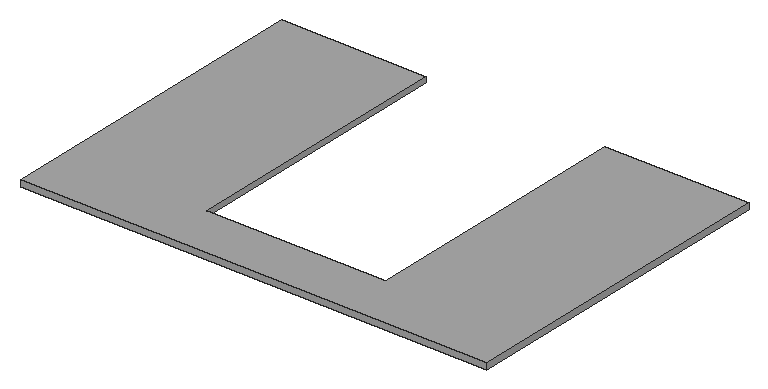
Revit family "console-hansgrohe-54208XXX-Xevolos E Console 780_550 with cutout middle for countertop basin ground 500_480 and 600_480", category Furniture, Revit 2019
Family settings
  OmniClass Number = 23.40.00.00
  OmniClass Title = Equipment and Furnishings
  Work Plane-Based = No
  Always vertical = Yes
  Cut with Voids When Loaded = No
  Shared = Yes
  Room Calculation Point = No
Parameters (values of type "54208-54208760-SLATE_MATT_GREY-200")
  etim7_EC011381 = "EC011381"
  WEIGHT = "2.6"
  UNSPSC = "56 | Furniture and Furnishings"
  UNIFORMATII = "E2010 | Fixed Furnishings"
  UNICLASS_2015_CODE = "40_30_78_05"
  UNICLASS2015 = "Pr_40_20_76_94 | Vanity units"
  SURFACE = "SLATE_MATT_GREY"
  SPECIFICATION = "https://pro.hansgrohe.com/articledetail--54208700"
  REGIONSET = "Worldwide"
  PRODUCTGROUP = "console"
  PRODUCTFAMILY = "Xevolos E"
  PERMALINK = "54208XXX"
  OMNICLASS = "23-19 31 17 11 | Bathroom Units"
  OBJECTTYPE = "Object (single object)"
  NN = "Console with cutout for countertop basin ground"
  NBSYN = "$BASENUMBER.-$ARTNR.-$SURFACE.-$LODLEVEL."
  NB = "54208-54208760-SLATE_MATT_GREY-200"
  NAME = "Xevolos E Console 780/550 with cutout middle for countertop basin ground 500/480 and 600/480"
  Model = "54208-54208760-SLATE_MATT_GREY-200"
  Manufacturer = "Hansgrohe"
  MIdent = "{$CADENAS_DATA/23d-libs/hansgrohe/xevolos_furniture/xevolos_console_cutout_for_countertop_basin_ground/console_with_cutout_for_countertop_basinground.prj},257 {VTYP=3D},{NB=54208-54208760-SLATE_MATT_GREY-200},{LINA=54208-54208760-SLATE_MATT_GREY-200},{NN=Console with cutout for countertop basin ground},{DATE=13.03.2023 11:42:46},{GEOMDATE=12.03.2023 06:46:48},{VERSION=},{LINEID=80},{WBVAR=LODLEVEL},{WBNUMERIC=}  {NB=54208-54208760-SLATE_MATT_GREY-200},{LINA=54208-54208760-SLATE_MATT_GREY-200},{KT=DUMMY},{IDNR=8},{ARTNR=54208760},{BASENUMBER=54208},{MODEL=54208XXX},{SURFACE=SLATE_MATT_GREY},{L=784},{LODLEVEL=200},{LODLEVELX='400','400','200','200'},{L1=300},{LL=392},{NAME=Xevolos E Console 780/550 with cutout middle for countertop basin ground 500/480 and 600/480},{PERMALINK=54208XXX},{OBJECTTYPE=Object (single object)},{BIMOBJECT=Sanitary: Compound units},{PRODUCTFAMILY=Xevolos E},{PRODUCTGROUP=console},{WEIGHT=2.6},{DESCRIPTION=Xevolos E Console 780/550 with cutout middle for countertop basin ground 500/480 and 600/480},{SPECIFICATION=https://pro.hansgrohe.com/articledetail--54208700},{PRODUCTURL=0},{GTINCODE=0},{TENDERURL=0},{IFC=Furnishing element},{ETIM=EC011381 | Bathroom furniture set},{UNICLASS2015=Pr_40_20_76_94 | Vanity units},{OMNICLASS=23-19 31 17 11 | Bathroom Units},{MASTERFORMAT=12 35 30.23 | Bathroom Casework},{UNSPSC=56 | Furniture and Furnishings},{UNIFORMATII=E2010 | Fixed Furnishings},{REGIONSET=Worldwide},{DESIGN=Germany},{MANUFACTURER=Germany}"
  MASTERFORMAT = "12 35 30.23 | Bathroom Casework"
  LODLEVEL = "200"
  LL = 392
  LINA = "54208-54208760-SLATE_MATT_GREY-200"
  L1 = 300
  L = 784
  IFC = "Furnishing element"
  IDNR = 8
  ETIM = "EC011381 | Bathroom furniture set"
  DESIGN = "Germany"
  CATALOG = "Hansgrohe"
  BIMOBJECT = "Sanitary: Compound units"
  BASENUMBER = "54208"
  ARTNR = "54208760"
  54208-54208780-SAND_MATT_BEIGE-400_RX0RY0RZ0TX0TY0TZ0_V = no
  54208-54208780-SAND_MATT_BEIGE-200_RX0RY0RZ0TX0TY0TZ0_V = no
  54208-54208760-SLATE_MATT_GREY-400_RX0RY0RZ0TX0TY0TZ0_V = no
  54208-54208760-SLATE_MATT_GREY-200_RX0RY0RZ0TX0TY0TZ0_V = yes
  54208-54208700-MATTE_WHITE-400_RX0RY0RZ0TX0TY0TZ0_V = no
  54208-54208700-MATTE_WHITE-200_RX0RY0RZ0TX0TY0TZ0_V = no
Types (6, lengths in mm): name | SURFACE | NB | Model | MIdent | LODLEVEL | LINA | IDNR | ARTNR | 54208-54208780-SAND_MATT_BEIGE-400_RX0RY0RZ0TX0TY0TZ0_V | 54208-54208780-SAND_MATT_BEIGE-200_RX0RY0RZ0TX0TY0TZ0_V | 54208-54208760-SLATE_MATT_GREY-400_RX0RY0RZ0TX0TY0TZ0_V | 54208-54208760-SLATE_MATT_GREY-200_RX0RY0RZ0TX0TY0TZ0_V | 54208-54208700-MATTE_WHITE-400_RX0RY0RZ0TX0TY0TZ0_V | 54208-54208700-MATTE_WHITE-200_RX0RY0RZ0TX0TY0TZ0_V
  54208-54208700-MATTE_WHITE-200 | "MATTE_WHITE" | "54208-54208700-MATTE_WHITE-200" | "54208-54208700-MATTE_WHITE-200" | "{$CADENAS_DATA/23d-libs/hansgrohe/xevolos_furniture/xevolos_console_cutout_for_countertop_basin_ground/console_with_cutout_for_countertop_basinground.prj},249 {VTYP=3D},{NB=54208-54208700-MATTE_WHITE-200},{LINA=54208-54208700-MATTE_WHITE-200},{NN=Console with cutout for countertop basin ground},{DATE=13.03.2023 11:42:46},{GEOMDATE=12.03.2023 06:46:48},{VERSION=},{LINEID=70},{WBVAR=LODLEVEL},{WBNUMERIC=}  {NB=54208-54208700-MATTE_WHITE-200},{LINA=54208-54208700-MATTE_WHITE-200},{KT=DUMMY},{IDNR=7},{ARTNR=54208700},{BASENUMBER=54208},{MODEL=54208XXX},{SURFACE=MATTE_WHITE},{L=784},{LODLEVEL=200},{LODLEVELX='400','400','200','200'},{L1=300},{LL=392},{NAME=Xevolos E Console 780/550 with cutout middle for countertop basin ground 500/480 and 600/480},{PERMALINK=54208XXX},{OBJECTTYPE=Object (single object)},{BIMOBJECT=Sanitary: Compound units},{PRODUCTFAMILY=Xevolos E},{PRODUCTGROUP=console},{WEIGHT=2.6},{DESCRIPTION=Xevolos E Console 780/550 with cutout middle for countertop basin ground 500/480 and 600/480},{SPECIFICATION=https://pro.hansgrohe.com/articledetail--54208700},{PRODUCTURL=0},{GTINCODE=0},{TENDERURL=0},{IFC=Furnishing element},{ETIM=EC011381 | Bathroom furniture set},{UNICLASS2015=Pr_40_20_76_94 | Vanity units},{OMNICLASS=23-19 31 17 11 | Bathroom Units},{MASTERFORMAT=12 35 30.23 | Bathroom Casework},{UNSPSC=56 | Furniture and Furnishings},{UNIFORMATII=E2010 | Fixed Furnishings},{REGIONSET=Worldwide},{DESIGN=Germany},{MANUFACTURER=Germany}" | "200" | "54208-54208700-MATTE_WHITE-200" | 7 | "54208700" | no | no | no | no | no | yes
  54208-54208700-MATTE_WHITE-400 | "MATTE_WHITE" | "54208-54208700-MATTE_WHITE-400" | "54208-54208700-MATTE_WHITE-400" | "{$CADENAS_DATA/23d-libs/hansgrohe/xevolos_furniture/xevolos_console_cutout_for_countertop_basin_ground/console_with_cutout_for_countertop_basinground.prj},249 {VTYP=3D},{NB=54208-54208700-MATTE_WHITE-400},{LINA=54208-54208700-MATTE_WHITE-400},{NN=Console with cutout for countertop basin ground},{DATE=13.03.2023 11:42:46},{GEOMDATE=12.03.2023 06:46:48},{VERSION=},{LINEID=70},{WBVAR=LODLEVEL},{WBNUMERIC=}  {NB=54208-54208700-MATTE_WHITE-400},{LINA=54208-54208700-MATTE_WHITE-400},{KT=DUMMY},{IDNR=7},{ARTNR=54208700},{BASENUMBER=54208},{MODEL=54208XXX},{SURFACE=MATTE_WHITE},{L=784},{LODLEVEL=400},{LODLEVELX='400','400','200','200'},{L1=300},{LL=392},{NAME=Xevolos E Console 780/550 with cutout middle for countertop basin ground 500/480 and 600/480},{PERMALINK=54208XXX},{OBJECTTYPE=Object (single object)},{BIMOBJECT=Sanitary: Compound units},{PRODUCTFAMILY=Xevolos E},{PRODUCTGROUP=console},{WEIGHT=2.6},{DESCRIPTION=Xevolos E Console 780/550 with cutout middle for countertop basin ground 500/480 and 600/480},{SPECIFICATION=https://pro.hansgrohe.com/articledetail--54208700},{PRODUCTURL=0},{GTINCODE=0},{TENDERURL=0},{IFC=Furnishing element},{ETIM=EC011381 | Bathroom furniture set},{UNICLASS2015=Pr_40_20_76_94 | Vanity units},{OMNICLASS=23-19 31 17 11 | Bathroom Units},{MASTERFORMAT=12 35 30.23 | Bathroom Casework},{UNSPSC=56 | Furniture and Furnishings},{UNIFORMATII=E2010 | Fixed Furnishings},{REGIONSET=Worldwide},{DESIGN=Germany},{MANUFACTURER=Germany}" | "400" | "54208-54208700-MATTE_WHITE-400" | 7 | "54208700" | no | no | no | no | yes | no
  54208-54208760-SLATE_MATT_GREY-200 | "SLATE_MATT_GREY" | "54208-54208760-SLATE_MATT_GREY-200" | "54208-54208760-SLATE_MATT_GREY-200" | "{$CADENAS_DATA/23d-libs/hansgrohe/xevolos_furniture/xevolos_console_cutout_for_countertop_basin_ground/console_with_cutout_for_countertop_basinground.prj},257 {VTYP=3D},{NB=54208-54208760-SLATE_MATT_GREY-200},{LINA=54208-54208760-SLATE_MATT_GREY-200},{NN=Console with cutout for countertop basin ground},{DATE=13.03.2023 11:42:46},{GEOMDATE=12.03.2023 06:46:48},{VERSION=},{LINEID=80},{WBVAR=LODLEVEL},{WBNUMERIC=}  {NB=54208-54208760-SLATE_MATT_GREY-200},{LINA=54208-54208760-SLATE_MATT_GREY-200},{KT=DUMMY},{IDNR=8},{ARTNR=54208760},{BASENUMBER=54208},{MODEL=54208XXX},{SURFACE=SLATE_MATT_GREY},{L=784},{LODLEVEL=200},{LODLEVELX='400','400','200','200'},{L1=300},{LL=392},{NAME=Xevolos E Console 780/550 with cutout middle for countertop basin ground 500/480 and 600/480},{PERMALINK=54208XXX},{OBJECTTYPE=Object (single object)},{BIMOBJECT=Sanitary: Compound units},{PRODUCTFAMILY=Xevolos E},{PRODUCTGROUP=console},{WEIGHT=2.6},{DESCRIPTION=Xevolos E Console 780/550 with cutout middle for countertop basin ground 500/480 and 600/480},{SPECIFICATION=https://pro.hansgrohe.com/articledetail--54208700},{PRODUCTURL=0},{GTINCODE=0},{TENDERURL=0},{IFC=Furnishing element},{ETIM=EC011381 | Bathroom furniture set},{UNICLASS2015=Pr_40_20_76_94 | Vanity units},{OMNICLASS=23-19 31 17 11 | Bathroom Units},{MASTERFORMAT=12 35 30.23 | Bathroom Casework},{UNSPSC=56 | Furniture and Furnishings},{UNIFORMATII=E2010 | Fixed Furnishings},{REGIONSET=Worldwide},{DESIGN=Germany},{MANUFACTURER=Germany}" | "200" | "54208-54208760-SLATE_MATT_GREY-200" | 8 | "54208760" | no | no | no | yes | no | no
  54208-54208760-SLATE_MATT_GREY-400 | "SLATE_MATT_GREY" | "54208-54208760-SLATE_MATT_GREY-400" | "54208-54208760-SLATE_MATT_GREY-400" | "{$CADENAS_DATA/23d-libs/hansgrohe/xevolos_furniture/xevolos_console_cutout_for_countertop_basin_ground/console_with_cutout_for_countertop_basinground.prj},257 {VTYP=3D},{NB=54208-54208760-SLATE_MATT_GREY-400},{LINA=54208-54208760-SLATE_MATT_GREY-400},{NN=Console with cutout for countertop basin ground},{DATE=13.03.2023 11:42:46},{GEOMDATE=12.03.2023 06:46:48},{VERSION=},{LINEID=80},{WBVAR=LODLEVEL},{WBNUMERIC=}  {NB=54208-54208760-SLATE_MATT_GREY-400},{LINA=54208-54208760-SLATE_MATT_GREY-400},{KT=DUMMY},{IDNR=8},{ARTNR=54208760},{BASENUMBER=54208},{MODEL=54208XXX},{SURFACE=SLATE_MATT_GREY},{L=784},{LODLEVEL=400},{LODLEVELX='400','400','200','200'},{L1=300},{LL=392},{NAME=Xevolos E Console 780/550 with cutout middle for countertop basin ground 500/480 and 600/480},{PERMALINK=54208XXX},{OBJECTTYPE=Object (single object)},{BIMOBJECT=Sanitary: Compound units},{PRODUCTFAMILY=Xevolos E},{PRODUCTGROUP=console},{WEIGHT=2.6},{DESCRIPTION=Xevolos E Console 780/550 with cutout middle for countertop basin ground 500/480 and 600/480},{SPECIFICATION=https://pro.hansgrohe.com/articledetail--54208700},{PRODUCTURL=0},{GTINCODE=0},{TENDERURL=0},{IFC=Furnishing element},{ETIM=EC011381 | Bathroom furniture set},{UNICLASS2015=Pr_40_20_76_94 | Vanity units},{OMNICLASS=23-19 31 17 11 | Bathroom Units},{MASTERFORMAT=12 35 30.23 | Bathroom Casework},{UNSPSC=56 | Furniture and Furnishings},{UNIFORMATII=E2010 | Fixed Furnishings},{REGIONSET=Worldwide},{DESIGN=Germany},{MANUFACTURER=Germany}" | "400" | "54208-54208760-SLATE_MATT_GREY-400" | 8 | "54208760" | no | no | yes | no | no | no
  54208-54208780-SAND_MATT_BEIGE-200 | "SAND_MATT_BEIGE" | "54208-54208780-SAND_MATT_BEIGE-200" | "54208-54208780-SAND_MATT_BEIGE-200" | "{$CADENAS_DATA/23d-libs/hansgrohe/xevolos_furniture/xevolos_console_cutout_for_countertop_basin_ground/console_with_cutout_for_countertop_basinground.prj},257 {VTYP=3D},{NB=54208-54208780-SAND_MATT_BEIGE-200},{LINA=54208-54208780-SAND_MATT_BEIGE-200},{NN=Console with cutout for countertop basin ground},{DATE=13.03.2023 11:42:46},{GEOMDATE=12.03.2023 06:46:48},{VERSION=},{LINEID=90},{WBVAR=LODLEVEL},{WBNUMERIC=}  {NB=54208-54208780-SAND_MATT_BEIGE-200},{LINA=54208-54208780-SAND_MATT_BEIGE-200},{KT=DUMMY},{IDNR=9},{ARTNR=54208780},{BASENUMBER=54208},{MODEL=54208XXX},{SURFACE=SAND_MATT_BEIGE},{L=784},{LODLEVEL=200},{LODLEVELX='400','400','200','200'},{L1=300},{LL=392},{NAME=Xevolos E Console 780/550 with cutout middle for countertop basin ground 500/480 and 600/480},{PERMALINK=54208XXX},{OBJECTTYPE=Object (single object)},{BIMOBJECT=Sanitary: Compound units},{PRODUCTFAMILY=Xevolos E},{PRODUCTGROUP=console},{WEIGHT=2.6},{DESCRIPTION=Xevolos E Console 780/550 with cutout middle for countertop basin ground 500/480 and 600/480},{SPECIFICATION=https://pro.hansgrohe.com/articledetail--54208700},{PRODUCTURL=0},{GTINCODE=0},{TENDERURL=0},{IFC=Furnishing element},{ETIM=EC011381 | Bathroom furniture set},{UNICLASS2015=Pr_40_20_76_94 | Vanity units},{OMNICLASS=23-19 31 17 11 | Bathroom Units},{MASTERFORMAT=12 35 30.23 | Bathroom Casework},{UNSPSC=56 | Furniture and Furnishings},{UNIFORMATII=E2010 | Fixed Furnishings},{REGIONSET=Worldwide},{DESIGN=Germany},{MANUFACTURER=Germany}" | "200" | "54208-54208780-SAND_MATT_BEIGE-200" | 9 | "54208780" | no | yes | no | no | no | no
  54208-54208780-SAND_MATT_BEIGE-400 | "SAND_MATT_BEIGE" | "54208-54208780-SAND_MATT_BEIGE-400" | "54208-54208780-SAND_MATT_BEIGE-400" | "{$CADENAS_DATA/23d-libs/hansgrohe/xevolos_furniture/xevolos_console_cutout_for_countertop_basin_ground/console_with_cutout_for_countertop_basinground.prj},257 {VTYP=3D},{NB=54208-54208780-SAND_MATT_BEIGE-400},{LINA=54208-54208780-SAND_MATT_BEIGE-400},{NN=Console with cutout for countertop basin ground},{DATE=13.03.2023 11:42:46},{GEOMDATE=12.03.2023 06:46:48},{VERSION=},{LINEID=90},{WBVAR=LODLEVEL},{WBNUMERIC=}  {NB=54208-54208780-SAND_MATT_BEIGE-400},{LINA=54208-54208780-SAND_MATT_BEIGE-400},{KT=DUMMY},{IDNR=9},{ARTNR=54208780},{BASENUMBER=54208},{MODEL=54208XXX},{SURFACE=SAND_MATT_BEIGE},{L=784},{LODLEVEL=400},{LODLEVELX='400','400','200','200'},{L1=300},{LL=392},{NAME=Xevolos E Console 780/550 with cutout middle for countertop basin ground 500/480 and 600/480},{PERMALINK=54208XXX},{OBJECTTYPE=Object (single object)},{BIMOBJECT=Sanitary: Compound units},{PRODUCTFAMILY=Xevolos E},{PRODUCTGROUP=console},{WEIGHT=2.6},{DESCRIPTION=Xevolos E Console 780/550 with cutout middle for countertop basin ground 500/480 and 600/480},{SPECIFICATION=https://pro.hansgrohe.com/articledetail--54208700},{PRODUCTURL=0},{GTINCODE=0},{TENDERURL=0},{IFC=Furnishing element},{ETIM=EC011381 | Bathroom furniture set},{UNICLASS2015=Pr_40_20_76_94 | Vanity units},{OMNICLASS=23-19 31 17 11 | Bathroom Units},{MASTERFORMAT=12 35 30.23 | Bathroom Casework},{UNSPSC=56 | Furniture and Furnishings},{UNIFORMATII=E2010 | Fixed Furnishings},{REGIONSET=Worldwide},{DESIGN=Germany},{MANUFACTURER=Germany}" | "400" | "54208-54208780-SAND_MATT_BEIGE-400" | 9 | "54208780" | yes | no | no | no | no | no
Reference planes
  plane 1 "Center (Front/Back)": y = 0
  plane 2: z = 0
  plane 3 "Center (Left/Right)": x = 0
Dimensions and locks
  aligned and locked: level to plane 2
Nested families
  nested 1: "54208-54208700-matte_white-200_content" at (0, 0, 0), visible <- "54208-54208700-MATTE_WHITE-200_RX0RY0RZ0TX0TY0TZ0_V", ContentVisible <- "54208-54208700-MATTE_WHITE-200_RX0RY0RZ0TX0TY0TZ0_V", type "54208-54208700-MATTE_WHITE-200_Content"
    with ContentVisible no
  nested 2: "54208-54208700-matte_white-400_content" at (0, 0, 0), visible <- "54208-54208700-MATTE_WHITE-400_RX0RY0RZ0TX0TY0TZ0_V", ContentVisible <- "54208-54208700-MATTE_WHITE-400_RX0RY0RZ0TX0TY0TZ0_V", type "54208-54208700-MATTE_WHITE-400_Content"
    with ContentVisible no
  nested 3: "54208-54208760-slate_matt_grey-200_content" at (0, 0, 0), visible <- "54208-54208760-SLATE_MATT_GREY-200_RX0RY0RZ0TX0TY0TZ0_V", ContentVisible <- "54208-54208760-SLATE_MATT_GREY-200_RX0RY0RZ0TX0TY0TZ0_V", type "54208-54208760-SLATE_MATT_GREY-200_Content"
    with ContentVisible yes
  nested 4: "54208-54208760-slate_matt_grey-400_content" at (0, 0, 0), visible <- "54208-54208760-SLATE_MATT_GREY-400_RX0RY0RZ0TX0TY0TZ0_V", ContentVisible <- "54208-54208760-SLATE_MATT_GREY-400_RX0RY0RZ0TX0TY0TZ0_V", type "54208-54208760-SLATE_MATT_GREY-400_Content"
    with ContentVisible no
  nested 5: "54208-54208780-sand_matt_beige-200_content" at (0, 0, 0), visible <- "54208-54208780-SAND_MATT_BEIGE-200_RX0RY0RZ0TX0TY0TZ0_V", ContentVisible <- "54208-54208780-SAND_MATT_BEIGE-200_RX0RY0RZ0TX0TY0TZ0_V", type "54208-54208780-SAND_MATT_BEIGE-200_Content"
    with ContentVisible no
  nested 6: "54208-54208780-sand_matt_beige-400_content" at (0, 0, 0), visible <- "54208-54208780-SAND_MATT_BEIGE-400_RX0RY0RZ0TX0TY0TZ0_V", ContentVisible <- "54208-54208780-SAND_MATT_BEIGE-400_RX0RY0RZ0TX0TY0TZ0_V", type "54208-54208780-SAND_MATT_BEIGE-400_Content"
    with ContentVisible no
Definition of nested family "54208-54208760-slate_matt_grey-200_content"
  Parameters (values of type "54208-54208760-SLATE_MATT_GREY-200_Content")
    etim7_EC011381 = "EC011381"
    WEIGHT = "2.6"
    UNSPSC = "56 | Furniture and Furnishings"
    UNIFORMATII = "E2010 | Fixed Furnishings"
    UNICLASS_2015_CODE = "40_30_78_05"
    UNICLASS2015 = "Pr_40_20_76_94 | Vanity units"
    SURFACE = "SLATE_MATT_GREY"
    SPECIFICATION = "https://pro.hansgrohe.com/articledetail--54208700"
    REGIONSET = "Worldwide"
    PRODUCTGROUP = "console"
    PRODUCTFAMILY = "Xevolos E"
    PERMALINK = "54208XXX"
    OMNICLASS = "23-19 31 17 11 | Bathroom Units"
    OBJECTTYPE = "Object (single object)"
    NN = "Console with cutout for countertop basin ground"
    NBSYN = "$BASENUMBER.-$ARTNR.-$SURFACE.-$LODLEVEL."
    NB = "54208-54208760-SLATE_MATT_GREY-200"
    NAME = "Xevolos E Console 780/550 with cutout middle for countertop basin ground 500/480 and 600/480"
    Model = "54208-54208760-SLATE_MATT_GREY-200"
    Manufacturer = "Hansgrohe"
    MASTERFORMAT = "12 35 30.23 | Bathroom Casework"
    LODLEVEL = "200"
    LL = 392
    LINA = "54208-54208760-SLATE_MATT_GREY-200"
    L1 = 300
    L = 784
    IFC = "Furnishing element"
    IDNR = 8
    ETIM = "EC011381 | Bathroom furniture set"
    Default Elevation = 1219.2 mm
    DESIGN = "Germany"
    ContentVisible [instance] = yes
    CATALOG = "Hansgrohe"
    BIMOBJECT = "Sanitary: Compound units"
    BASENUMBER = "54208"
    ARTNR = "54208760"
  Reference planes
    plane 1 "Center (Front/Back)": y = 0
    plane 2: z = 0
    plane 3 "Center (Left/Right)": x = 0
  Forms (mm)
    Extrusion 1, solid, visible <- "ContentVisible", detail levels medium+fine
      sketch origin (0, 0, 0) x (1, 0, 0) y (0, 1, 0)
        loop
          line (-392, 0) -> (-392, -550) -> (392, -550) -> (392, 0) -> (150, 0) -> (150, -460) -> (-150, -460) -> (-150, 0) -> (-392, 0)
      from 0 to 10
    Extrusion 2, solid, visible <- "ContentVisible", detail levels coarse
      sketch origin (0, -275, 0) x (1, 0, 0) y (0, 1, 0)
        loop
          line (-392, -275) -> (392, -275) -> (392, 275) -> (-392, 275) -> (-392, -275)
      from 0 to 10
  Dimensions and locks
    aligned and locked: level to plane 2
Definition of nested family "54208-54208700-matte_white-200_content"
  Parameters (values of type "54208-54208700-MATTE_WHITE-200_Content")
    etim7_EC011381 = "EC011381"
    WEIGHT = "2.6"
    UNSPSC = "56 | Furniture and Furnishings"
    UNIFORMATII = "E2010 | Fixed Furnishings"
    UNICLASS_2015_CODE = "40_30_78_05"
    UNICLASS2015 = "Pr_40_20_76_94 | Vanity units"
    SURFACE = "MATTE_WHITE"
    SPECIFICATION = "https://pro.hansgrohe.com/articledetail--54208700"
    REGIONSET = "Worldwide"
    PRODUCTGROUP = "console"
    PRODUCTFAMILY = "Xevolos E"
    PERMALINK = "54208XXX"
    OMNICLASS = "23-19 31 17 11 | Bathroom Units"
    OBJECTTYPE = "Object (single object)"
    NN = "Console with cutout for countertop basin ground"
    NBSYN = "$BASENUMBER.-$ARTNR.-$SURFACE.-$LODLEVEL."
    NB = "54208-54208700-MATTE_WHITE-200"
    NAME = "Xevolos E Console 780/550 with cutout middle for countertop basin ground 500/480 and 600/480"
    Model = "54208-54208700-MATTE_WHITE-200"
    Manufacturer = "Hansgrohe"
    MASTERFORMAT = "12 35 30.23 | Bathroom Casework"
    LODLEVEL = "200"
    LL = 392
    LINA = "54208-54208700-MATTE_WHITE-200"
    L1 = 300
    L = 784
    IFC = "Furnishing element"
    IDNR = 7
    ETIM = "EC011381 | Bathroom furniture set"
    Default Elevation = 1219.2 mm
    DESIGN = "Germany"
    ContentVisible [instance] = yes
    CATALOG = "Hansgrohe"
    BIMOBJECT = "Sanitary: Compound units"
    BASENUMBER = "54208"
    ARTNR = "54208700"
  Reference planes
    plane 1 "Center (Front/Back)": y = 0
    plane 2: z = 0
    plane 3 "Center (Left/Right)": x = 0
  Forms (mm)
    Extrusion 1, solid, visible <- "ContentVisible", detail levels medium+fine
      sketch origin (0, 0, 0) x (1, 0, 0) y (0, 1, 0)
        loop
          line (-392, 0) -> (-392, -550) -> (392, -550) -> (392, 0) -> (150, 0) -> (150, -460) -> (-150, -460) -> (-150, 0) -> (-392, 0)
      from 0 to 10
    Extrusion 2, solid, visible <- "ContentVisible", detail levels coarse
      sketch origin (0, -275, 0) x (1, 0, 0) y (0, 1, 0)
        loop
          line (-392, -275) -> (392, -275) -> (392, 275) -> (-392, 275) -> (-392, -275)
      from 0 to 10
  Dimensions and locks
    aligned and locked: level to plane 2
Definition of nested family "54208-54208700-matte_white-400_content"
  Parameters (values of type "54208-54208700-MATTE_WHITE-400_Content")
    etim7_EC011381 = "EC011381"
    WEIGHT = "2.6"
    UNSPSC = "56 | Furniture and Furnishings"
    UNIFORMATII = "E2010 | Fixed Furnishings"
    UNICLASS_2015_CODE = "40_30_78_05"
    UNICLASS2015 = "Pr_40_20_76_94 | Vanity units"
    SURFACE = "MATTE_WHITE"
    SPECIFICATION = "https://pro.hansgrohe.com/articledetail--54208700"
    REGIONSET = "Worldwide"
    PRODUCTGROUP = "console"
    PRODUCTFAMILY = "Xevolos E"
    PERMALINK = "54208XXX"
    OMNICLASS = "23-19 31 17 11 | Bathroom Units"
    OBJECTTYPE = "Object (single object)"
    NN = "Console with cutout for countertop basin ground"
    NBSYN = "$BASENUMBER.-$ARTNR.-$SURFACE.-$LODLEVEL."
    NB = "54208-54208700-MATTE_WHITE-400"
    NAME = "Xevolos E Console 780/550 with cutout middle for countertop basin ground 500/480 and 600/480"
    Model = "54208-54208700-MATTE_WHITE-400"
    Manufacturer = "Hansgrohe"
    MASTERFORMAT = "12 35 30.23 | Bathroom Casework"
    LODLEVEL = "400"
    LL = 392
    LINA = "54208-54208700-MATTE_WHITE-400"
    L1 = 300
    L = 784
    IFC = "Furnishing element"
    IDNR = 7
    ETIM = "EC011381 | Bathroom furniture set"
    Default Elevation = 1219.2 mm
    DESIGN = "Germany"
    ContentVisible [instance] = yes
    CATALOG = "Hansgrohe"
    BIMOBJECT = "Sanitary: Compound units"
    BASENUMBER = "54208"
    ARTNR = "54208700"
  Reference planes
    plane 1 "Center (Front/Back)": y = 0
    plane 2: z = 0
    plane 3 "Center (Left/Right)": x = 0
  Forms (mm)
    Extrusion 1, solid, visible <- "ContentVisible", detail levels medium+fine
      sketch origin (0, 0, 0) x (1, 0, 0) y (0, 1, 0)
        loop
          line (-392, -1.5) -> (-392, -548.5)
          arc (-392, -548.5) -> (-391.561, -549.561) -> (-390.5, -550) r 1.5
          line (-390.5, -550) -> (390.5, -550)
          arc (390.5, -550) -> (391.561, -549.561) -> (392, -548.5) r 1.5
          line (392, -548.5) -> (392, -1.5)
          arc (392, -1.5) -> (391.561, -0.439) -> (390.5, 0) r 1.5
          line (390.5, 0) -> (150, 0) -> (150, -270)
          arc (150, -270) -> (120.711, -340.711) -> (50, -370) r 100
          line (50, -370) -> (-50, -370)
          arc (-50, -370) -> (-120.711, -340.711) -> (-150, -270) r 100
          line (-150, -270) -> (-150, 0) -> (-390.5, 0)
          arc (-390.5, 0) -> (-391.561, -0.439) -> (-392, -1.5) r 1.5
      from 0 to 10
    Extrusion 2, solid, visible <- "ContentVisible", detail levels coarse
      sketch origin (0, -275, 0) x (1, 0, 0) y (0, 1, 0)
        loop
          line (-392, -275) -> (392, -275) -> (392, 275) -> (-392, 275) -> (-392, -275)
      from 0 to 10
  Dimensions and locks
    aligned and locked: level to plane 2
Definition of nested family "54208-54208760-slate_matt_grey-400_content"
  Parameters (values of type "54208-54208760-SLATE_MATT_GREY-400_Content")
    etim7_EC011381 = "EC011381"
    WEIGHT = "2.6"
    UNSPSC = "56 | Furniture and Furnishings"
    UNIFORMATII = "E2010 | Fixed Furnishings"
    UNICLASS_2015_CODE = "40_30_78_05"
    UNICLASS2015 = "Pr_40_20_76_94 | Vanity units"
    SURFACE = "SLATE_MATT_GREY"
    SPECIFICATION = "https://pro.hansgrohe.com/articledetail--54208700"
    REGIONSET = "Worldwide"
    PRODUCTGROUP = "console"
    PRODUCTFAMILY = "Xevolos E"
    PERMALINK = "54208XXX"
    OMNICLASS = "23-19 31 17 11 | Bathroom Units"
    OBJECTTYPE = "Object (single object)"
    NN = "Console with cutout for countertop basin ground"
    NBSYN = "$BASENUMBER.-$ARTNR.-$SURFACE.-$LODLEVEL."
    NB = "54208-54208760-SLATE_MATT_GREY-400"
    NAME = "Xevolos E Console 780/550 with cutout middle for countertop basin ground 500/480 and 600/480"
    Model = "54208-54208760-SLATE_MATT_GREY-400"
    Manufacturer = "Hansgrohe"
    MASTERFORMAT = "12 35 30.23 | Bathroom Casework"
    LODLEVEL = "400"
    LL = 392
    LINA = "54208-54208760-SLATE_MATT_GREY-400"
    L1 = 300
    L = 784
    IFC = "Furnishing element"
    IDNR = 8
    ETIM = "EC011381 | Bathroom furniture set"
    Default Elevation = 1219.2 mm
    DESIGN = "Germany"
    ContentVisible [instance] = yes
    CATALOG = "Hansgrohe"
    BIMOBJECT = "Sanitary: Compound units"
    BASENUMBER = "54208"
    ARTNR = "54208760"
  Reference planes
    plane 1 "Center (Front/Back)": y = 0
    plane 2: z = 0
    plane 3 "Center (Left/Right)": x = 0
  Forms (mm)
    Extrusion 1, solid, visible <- "ContentVisible", detail levels medium+fine
      sketch origin (0, 0, 0) x (1, 0, 0) y (0, 1, 0)
        loop
          line (-392, -1.5) -> (-392, -548.5)
          arc (-392, -548.5) -> (-391.561, -549.561) -> (-390.5, -550) r 1.5
          line (-390.5, -550) -> (390.5, -550)
          arc (390.5, -550) -> (391.561, -549.561) -> (392, -548.5) r 1.5
          line (392, -548.5) -> (392, -1.5)
          arc (392, -1.5) -> (391.561, -0.439) -> (390.5, 0) r 1.5
          line (390.5, 0) -> (150, 0) -> (150, -270)
          arc (150, -270) -> (120.711, -340.711) -> (50, -370) r 100
          line (50, -370) -> (-50, -370)
          arc (-50, -370) -> (-120.711, -340.711) -> (-150, -270) r 100
          line (-150, -270) -> (-150, 0) -> (-390.5, 0)
          arc (-390.5, 0) -> (-391.561, -0.439) -> (-392, -1.5) r 1.5
      from 0 to 10
    Extrusion 2, solid, visible <- "ContentVisible", detail levels coarse
      sketch origin (0, -275, 0) x (1, 0, 0) y (0, 1, 0)
        loop
          line (-392, -275) -> (392, -275) -> (392, 275) -> (-392, 275) -> (-392, -275)
      from 0 to 10
  Dimensions and locks
    aligned and locked: level to plane 2
Definition of nested family "54208-54208780-sand_matt_beige-200_content"
  Parameters (values of type "54208-54208780-SAND_MATT_BEIGE-200_Content")
    etim7_EC011381 = "EC011381"
    WEIGHT = "2.6"
    UNSPSC = "56 | Furniture and Furnishings"
    UNIFORMATII = "E2010 | Fixed Furnishings"
    UNICLASS_2015_CODE = "40_30_78_05"
    UNICLASS2015 = "Pr_40_20_76_94 | Vanity units"
    SURFACE = "SAND_MATT_BEIGE"
    SPECIFICATION = "https://pro.hansgrohe.com/articledetail--54208700"
    REGIONSET = "Worldwide"
    PRODUCTGROUP = "console"
    PRODUCTFAMILY = "Xevolos E"
    PERMALINK = "54208XXX"
    OMNICLASS = "23-19 31 17 11 | Bathroom Units"
    OBJECTTYPE = "Object (single object)"
    NN = "Console with cutout for countertop basin ground"
    NBSYN = "$BASENUMBER.-$ARTNR.-$SURFACE.-$LODLEVEL."
    NB = "54208-54208780-SAND_MATT_BEIGE-200"
    NAME = "Xevolos E Console 780/550 with cutout middle for countertop basin ground 500/480 and 600/480"
    Model = "54208-54208780-SAND_MATT_BEIGE-200"
    Manufacturer = "Hansgrohe"
    MASTERFORMAT = "12 35 30.23 | Bathroom Casework"
    LODLEVEL = "200"
    LL = 392
    LINA = "54208-54208780-SAND_MATT_BEIGE-200"
    L1 = 300
    L = 784
    IFC = "Furnishing element"
    IDNR = 9
    ETIM = "EC011381 | Bathroom furniture set"
    Default Elevation = 1219.2 mm
    DESIGN = "Germany"
    ContentVisible [instance] = yes
    CATALOG = "Hansgrohe"
    BIMOBJECT = "Sanitary: Compound units"
    BASENUMBER = "54208"
    ARTNR = "54208780"
  Reference planes
    plane 1 "Center (Front/Back)": y = 0
    plane 2: z = 0
    plane 3 "Center (Left/Right)": x = 0
  Forms (mm)
    Extrusion 1, solid, visible <- "ContentVisible", detail levels medium+fine
      sketch origin (0, 0, 0) x (1, 0, 0) y (0, 1, 0)
        loop
          line (-392, 0) -> (-392, -550) -> (392, -550) -> (392, 0) -> (150, 0) -> (150, -460) -> (-150, -460) -> (-150, 0) -> (-392, 0)
      from 0 to 10
    Extrusion 2, solid, visible <- "ContentVisible", detail levels coarse
      sketch origin (0, -275, 0) x (1, 0, 0) y (0, 1, 0)
        loop
          line (-392, -275) -> (392, -275) -> (392, 275) -> (-392, 275) -> (-392, -275)
      from 0 to 10
  Dimensions and locks
    aligned and locked: level to plane 2
Definition of nested family "54208-54208780-sand_matt_beige-400_content"
  Parameters (values of type "54208-54208780-SAND_MATT_BEIGE-400_Content")
    etim7_EC011381 = "EC011381"
    WEIGHT = "2.6"
    UNSPSC = "56 | Furniture and Furnishings"
    UNIFORMATII = "E2010 | Fixed Furnishings"
    UNICLASS_2015_CODE = "40_30_78_05"
    UNICLASS2015 = "Pr_40_20_76_94 | Vanity units"
    SURFACE = "SAND_MATT_BEIGE"
    SPECIFICATION = "https://pro.hansgrohe.com/articledetail--54208700"
    REGIONSET = "Worldwide"
    PRODUCTGROUP = "console"
    PRODUCTFAMILY = "Xevolos E"
    PERMALINK = "54208XXX"
    OMNICLASS = "23-19 31 17 11 | Bathroom Units"
    OBJECTTYPE = "Object (single object)"
    NN = "Console with cutout for countertop basin ground"
    NBSYN = "$BASENUMBER.-$ARTNR.-$SURFACE.-$LODLEVEL."
    NB = "54208-54208780-SAND_MATT_BEIGE-400"
    NAME = "Xevolos E Console 780/550 with cutout middle for countertop basin ground 500/480 and 600/480"
    Model = "54208-54208780-SAND_MATT_BEIGE-400"
    Manufacturer = "Hansgrohe"
    MASTERFORMAT = "12 35 30.23 | Bathroom Casework"
    LODLEVEL = "400"
    LL = 392
    LINA = "54208-54208780-SAND_MATT_BEIGE-400"
    L1 = 300
    L = 784
    IFC = "Furnishing element"
    IDNR = 9
    ETIM = "EC011381 | Bathroom furniture set"
    Default Elevation = 1219.2 mm
    DESIGN = "Germany"
    ContentVisible [instance] = yes
    CATALOG = "Hansgrohe"
    BIMOBJECT = "Sanitary: Compound units"
    BASENUMBER = "54208"
    ARTNR = "54208780"
  Reference planes
    plane 1 "Center (Front/Back)": y = 0
    plane 2: z = 0
    plane 3 "Center (Left/Right)": x = 0
  Forms (mm)
    Extrusion 1, solid, visible <- "ContentVisible", detail levels medium+fine
      sketch origin (0, 0, 0) x (1, 0, 0) y (0, 1, 0)
        loop
          line (-392, -1.5) -> (-392, -548.5)
          arc (-392, -548.5) -> (-391.561, -549.561) -> (-390.5, -550) r 1.5
          line (-390.5, -550) -> (390.5, -550)
          arc (390.5, -550) -> (391.561, -549.561) -> (392, -548.5) r 1.5
          line (392, -548.5) -> (392, -1.5)
          arc (392, -1.5) -> (391.561, -0.439) -> (390.5, 0) r 1.5
          line (390.5, 0) -> (150, 0) -> (150, -270)
          arc (150, -270) -> (120.711, -340.711) -> (50, -370) r 100
          line (50, -370) -> (-50, -370)
          arc (-50, -370) -> (-120.711, -340.711) -> (-150, -270) r 100
          line (-150, -270) -> (-150, 0) -> (-390.5, 0)
          arc (-390.5, 0) -> (-391.561, -0.439) -> (-392, -1.5) r 1.5
      from 0 to 10
    Extrusion 2, solid, visible <- "ContentVisible", detail levels coarse
      sketch origin (0, -275, 0) x (1, 0, 0) y (0, 1, 0)
        loop
          line (-392, -275) -> (392, -275) -> (392, 275) -> (-392, 275) -> (-392, -275)
      from 0 to 10
  Dimensions and locks
    aligned and locked: level to plane 2
